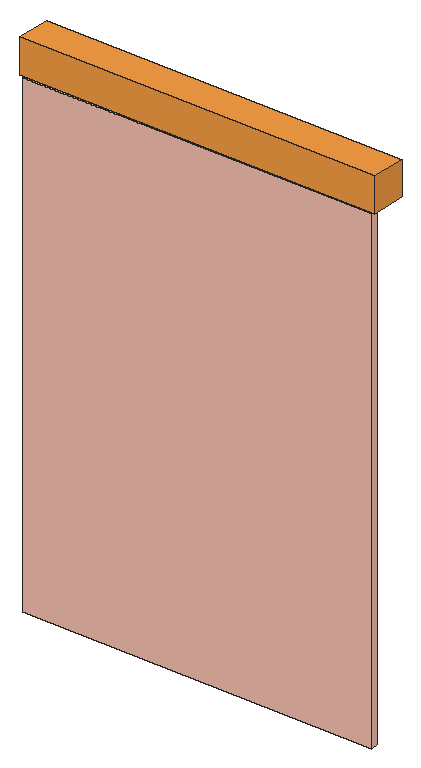
Revit family "EXP_WT-1A_CPan-022", category Curtain Panels, Revit 2021
Family settings
  OmniClass Number = 23.25.20.14.11.11.17
  OmniClass Title = Infill Panels
  Always vertical = Yes
  Cut with Voids When Loaded = No
  Shared = No
Parameters (values of type "H2 = 12' 1"")
  UI-UnitNumber [instance] = "001"
  UI-Quadrant [instance] = "SE"
  UI-ProjectAbbreviation = "NEU"
  UI-ItemCategory = "PID"
  UI-FloorNumber [instance] = "03"
  PNT-WallType = "WT1A"
  PNT-ProjectAbbreviation = "NEU"
  PNT-PanelType [instance] = "01"
  PNT-ItemCategory = "PNL"
  GlassSPH2(x2) [instance] = 0' - 2 3/16"
  GlassH2 [instance] = IG-2F(Glass)
  GlassH1 [instance] = IG-4F(Glass)
  Define Thermal Properties by = Schematic Type
  CellSp = 0' - 10 3/16"
  CellL [instance] = 8' - 10"
  CellH2 = 12' - 1"
  CellH1 [instance] = CellH - CellH2  # 0' - 10"
  CellH [instance] = 12' - 11"
  Analytic Construction = "<None>"
Reference planes (in)
  plane 1 "Center (Front/Back)": y = 0
  plane 2: z = 0
  plane 3 "Center (Left/Right)": x = 0
  plane 4 "Left": x = -53
  plane 5 "Right": x = 53
  plane 6 "Top": z = 155
  plane 7: z = 145
  plane 8: y = -10.1875
Forms (in)
  Extrusion 1, solid, material "IG-2F(Glass)" <- "GlassH2", detail levels coarse+medium
    sketch origin (0, 0, 0) x (0, 1, 0) y (0, 0, 1)
      loop
        line (-10.1875, 145) -> (-10.1875, 0) -> (0, 0) -> (0, 145) -> (-10.1875, 145)
    from -53 to 53
  Extrusion 2, solid, material "IG-4F(Glass)" <- "GlassH1"
    sketch origin (0, 0, 0) x (0, 1, 0) y (0, 0, 1)
      loop
        line (-10.1875, 155) -> (-10.1875, 145) -> (0, 145) -> (0, 155) -> (-10.1875, 155)
    from -53 to 53
Text (in)
  text "Exterior" at (-92.59733, 55.75508, 0), in view "Ref. Level"
  text "Exterior" at (0, 90.18664, 173.49264), in view "Left"
  text "Exterior" at (0, 52.29083, 162.21847), in view "Right"
Dimensions and locks (in)
  "CellH2": plane 2 to plane 7
  "CellH1": plane 7 to plane 6 "Top"
  Extrusion 2 sketch curve to Extrusion 2 sketch curve = 0' - 10 3/16"
  "CellL": plane 4 "Left" to plane 5 "Right"
  equal spacing: plane 4 "Left", plane 3 "Center (Left/Right)", plane 5 "Right"
  "CellH": plane 2 to plane 6 "Top"
  "CellSp": plane 8 to plane 1 "Center (Front/Back)"
  aligned and locked: level to plane 2
  aligned and locked: Extrusion 1 sketch curve to plane 7
  aligned and locked: plane 8 to Extrusion 1 sketch curve
  aligned and locked: level to Extrusion 1 sketch curve
  aligned and locked: plane 1 "Center (Front/Back)" to Extrusion 1 sketch curve
  aligned and locked: plane 4 "Left" to Extrusion 1
  aligned and locked: Extrusion 1 to plane 5 "Right"
  aligned and locked: plane 6 "Top" to Extrusion 2 sketch curve
  aligned and locked: plane 8 to Extrusion 2 sketch curve
  aligned and locked: Extrusion 2 to plane 5 "Right"
  aligned and locked: plane 4 "Left" to Extrusion 2
  aligned and locked: Extrusion 2 to plane 1 "Center (Front/Back)"
  aligned and locked: plane 5 "Right" to nested 1
  aligned and locked: plane 4 "Left" to nested 1
  aligned and locked: Extrusion 2 to plane 6 "Top"
  aligned and locked: Extrusion 1 to level
  aligned and locked: nested 1 to plane 8
  aligned and locked: plane 8 to nested 2
  aligned and locked: plane 7 to nested 2
  aligned and locked: plane 2 to nested 2
  aligned and locked: nested 2 to plane 4 "Left"
  aligned and locked: nested 2 to plane 5 "Right"
Automatic sketch dimensions
  Extrusion 2 sketch curve to plane 7 = 0' - 0"
Nested families (in)
  nested 1: "EXP_xx_DetO-002" at (0, -10.1875, 0), CellH <- "CellH", CellL <- "CellL", type "EXP_xx_DetO-002", detail levels coarse
    with CellL 8' - 10", CellH 12' - 11"
  nested 2: "EXP_WT-1x_IG-001" at (0, -10.1875, 72.5) x (-1, 0, 0) z (0, 0, 1), MaterialGlass <- "GlassH2", GlassSP <- "GlassSPH2(x2)", type "GlassSP = H2(x2)", detail levels fine
    with MaterialGlass IG-2F(Glass), GlassSP 0' - 2 3/16", GlassL 8' - 8.12598", GlassH 11' - 11.06299", CellL 8' - 10", CellH 12' - 1"
Definition of nested family "EXP_WT-1x_IG-001"
  Parameters (values of type "H2 _ GlassSP = 1 1/4"")
    MaterialGlass [instance] = none
    GlassSP [instance] = 0' - 1 1/4"
    GlassL [instance] = CellL - (GlassD1 + GlassD3)  # 3' - 10.94439"
    GlassH [instance] = CellH - (GlassD2 + GlassD4)  # 6' - 6.64788"
    GlassD4 = 0' - 1.43701"
    GlassD3 = 0' - 0.93701"
    GlassD2 = 0' - 0 1/2"
    GlassD1 = 0' - 0 15/16"
    GMPI-ProjectAbbreviation = "NEU"
    GMPI-IteamCategory = "GLS"
    Default Elevation = 0' - 0"
    CellL [instance] = 4' - 0.8189"
    CellH [instance] = 6' - 8.58489"
  Types (12): name | GlassSP | GlassL | GlassH | GlassD4 | GlassD2 | GlassD1
    H2(x2) _ GlassSP = 2 1/8" | 0' - 2.12598" | 3' - 10.94488" | 6' - 6.64788" | 0' - 1.43701" | 0' - 0 1/2" | 0' - 0.93701"
    H1 _ GlassSP = 1 1/4" | 0' - 1 1/4" | 3' - 10.94439" | 6' - 6.89739" | 0' - 0 1/4" | 0' - 1 7/16" | 0' - 0 15/16"
    H2(x3) _ GlassSP = 2 1/8" | 0' - 2.12598" | 3' - 10.94488" | 6' - 7.83489" | 0' - 0 1/4" | 0' - 0 1/2" | 0' - 0.93701"
    H3 _ GlassSP = 1 1/4" | 0' - 1 1/4" | 3' - 10.94439" | 6' - 6.64788" | 0' - 1.43701" | 0' - 0 1/2" | 0' - 0 15/16"
    H _ GlassSP = 2 1/8" | 0' - 2.12598" | 3' - 10.94488" | 6' - 5.71088" | 0' - 1.43701" | 0' - 1.43701" | 0' - 0.93701"
    H _ GlassSP = 1 1/4" | 0' - 1 1/4" | 3' - 10.94439" | 6' - 5.71088" | 0' - 1.43701" | 0' - 1.43701" | 0' - 0 15/16"
    H2 _ GlassSP = 1 1/4" | 0' - 1 1/4" | 3' - 10.94439" | 6' - 6.64788" | 0' - 1.43701" | 0' - 0 1/2" | 0' - 0 15/16"
    GlassSP = H | 0' - 1 1/4" | 3' - 10.94439" | 6' - 5.71088" | 0' - 1.43701" | 0' - 1.43701" | 0' - 0 15/16"
    GlassSP = H3 | 0' - 1 1/4" | 3' - 10.94439" | 6' - 6.64788" | 0' - 1.43701" | 0' - 0 1/2" | 0' - 0 15/16"
    GlassSP = H2(x3) | 0' - 2.12598" | 3' - 10.94488" | 6' - 7.83489" | 0' - 0 1/4" | 0' - 0 1/2" | 0' - 0.93701"
    GlassSP = H2(x2) | 0' - 2.12598" | 3' - 10.94488" | 6' - 6.64788" | 0' - 1.43701" | 0' - 0 1/2" | 0' - 0.93701"
    GlassSP = H1 | 0' - 1 1/4" | 3' - 10.94439" | 6' - 6.89739" | 0' - 0 1/4" | 0' - 1 7/16" | 0' - 0 15/16"
  Reference planes (in)
    plane 1 "Center (Front/Back)": y = 0
    plane 2: z = 0
    plane 3 "Center (Left/Right)": x = 0
    plane 4: x = -24.40945
    plane 5: x = 24.40945
    plane 6: z = 40.29245
    plane 7: x = -23.47195
    plane 8: x = 23.47244
    plane 9: z = -40.29245
    plane 10: z = 39.79245
    plane 11: z = -38.85544
  Forms (in)
    Extrusion 1, solid, material <- "MaterialGlass"
      sketch origin (0, 0, 0) x (1, 0, 0) y (0, 0, 1)
        loop
          line (-23.47195, -38.85544) -> (23.47244, -38.85544) -> (23.47244, 39.79245) -> (-23.47195, 39.79245) -> (-23.47195, -38.85544)
      from 0 to 1.25 <- "GlassSP"
  Dimensions and locks (in)
    equal spacing: plane 6, level, plane 9
    "CellH": plane 6 to plane 9
    "GlassD2": plane 6 to plane 10
    "GlassD4": plane 11 to plane 9
    equal spacing: plane 4, plane 3 "Center (Left/Right)", plane 5
    "CellL": plane 4 to plane 5
    "GlassD1": plane 4 to plane 7
    "GlassD3": plane 5 to plane 8
    aligned and locked: level to plane 2
    aligned and locked: Extrusion 1 sketch curve to plane 11
    aligned and locked: Extrusion 1 sketch curve to plane 7
    aligned and locked: plane 10 to Extrusion 1 sketch curve
    aligned and locked: plane 8 to Extrusion 1 sketch curve
Definition of nested family "EXP_xx_DetO-002"
  Parameters (values of type "EXP_xx_DetO-002")
    Default Elevation = 0' - 0"
    CellL [instance] = 5' - 4.56693"
    CellH [instance] = 5' - 2.99213"
  Reference planes (in)
    plane 1 "Center (Front/Back)": y = 0
    plane 2: z = 0
    plane 3 "Center (Left/Right)": x = 0
    plane 4: x = -32.28346
    plane 5: x = 32.28346
    plane 6: z = 62.99213
  Lines and regions (in)
    model lines
      curve 1: line (-32.28346, 0, 62.99213) -> (32.28346, 0, 0)
      curve 2: line (32.28346, 0, 62.99213) -> (-32.28346, 0, 0)
  Dimensions and locks (in)
    "CellH": plane 6 to level
    equal spacing: plane 4, plane 3 "Center (Left/Right)", plane 5
    "CellL": plane 4 to plane 5
    aligned and locked: level to plane 2
  Automatic sketch dimensions
    curve 2 to level = 0' - 0"
    plane 4 to curve 2 = 0' - 0"
    plane 4 to curve 1 = 0' - 0"
    plane 5 to curve 2 = 0' - 0"
    curve 1 to level = 0' - 0"
    plane 5 to curve 1 = 0' - 0"
    curve 2 to plane 6 = 0' - 0"
    curve 1 to plane 6 = 0' - 0"
